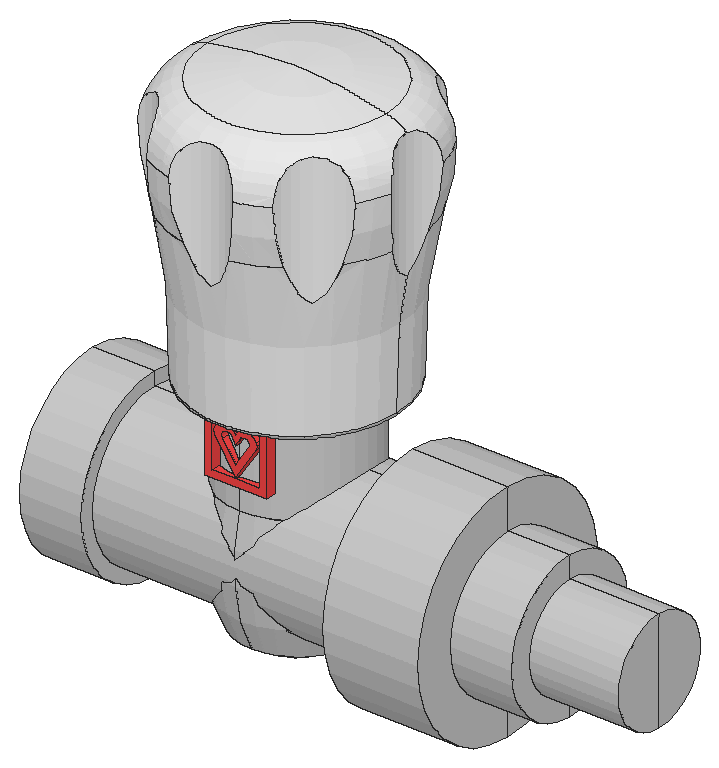
Revit family "GP Heizkörperregulierventil DG 5523", category Rohrzubehör, Revit 2020
Family settings
  Bemaßung runder Anschluss = Durchmesser verwenden
  Teiletyp = Unterbricht
  OmniClass-Nummer = 23.65.55.14
  OmniClass-Titel = Valves for Liquid Services
  Arbeitsebenenbasiert = Nein
  Immer vertikal = Ja
  Beim Laden mit Abzugskörper schneiden = Nein
  Gemeinsam genutzt = Nein
Parameters
  W01 = 60.00°  # constant formula
  Vorgabe-Ansicht = 0.000 mm
  URL = "www.herz-armaturen.at"
  SCRNSEQ = "ARM;ARM_TYP=\"ALLF\";2"
  SCRNCODE = "05;00;02"  # constant formula
  S04 = 45.000 mm  # constant formula
  S03 = 61.000 mm  # constant formula
  S02 [instance] = L05 + L06 + L07  # 53.300 mm
  S01 = 10.000 mm  # constant formula
  R05 = 25.000 mm  # constant formula
  R04 = 2.000 mm  # constant formula
  R03 = 28.000 mm  # constant formula
  R02 = 11.500 mm  # constant formula
  R01 = 10.500 mm  # constant formula
  Nennweite [instance] = 15.000 mm
  Medium = "Heizwasserqualität entsprechend ÖNORM H 5195 bzw. VDI-Richtllinie 2035."
  Max.Betriebstemperatur = 120 °C  # constant formula
  Max.Betriebsdruck = 1000000.0 Pa  # constant formula
  LO1 = 10.500 mm  # constant formula
  L07 [instance] = size_lookup("5523_", "L7", 1.000 mm, Nennweite)  # 22.300 mm
  L06 [instance] = size_lookup("5523_", "L6", 1.000 mm, Nennweite)  # 14.000 mm
  L05 [instance] = L02 - L04  # 17.000 mm
  L04 [instance] = size_lookup("5523_", "L4", 1.000 mm, Nennweite)  # 8.000 mm
  L03 [instance] = size_lookup("5523_", "L3", 1.000 mm, Nennweite)  # 9.000 mm
  L02 [instance] = size_lookup("5523_", "L2", 1.000 mm, Nennweite)  # 25.000 mm
  L01 [instance] = size_lookup("5523_", "L1", 1.000 mm, Nennweite)  # 30.000 mm
  Hersteller = "HERZ Armaturen Ges.m.b.H."  # constant formula
  Handrad = "Kunststoff, weiß"  # constant formula
  H02 = 25.500 mm  # constant formula
  H01 = 17.000 mm  # constant formula
  Gehäuse = "vernickeltes Messing"  # constant formula
  GTI [instance] = size_lookup("5523_", "GT1", 1.000 mm, Nennweite)  # 13.200 mm
  GT [instance] = size_lookup("5523_", "GT", 1.000 mm, Nennweite)  # 9.500 mm
  G2 [instance] = Nennweite / 2  # 7.500 mm
  G1 [instance] = Nennweite / 2  # 7.500 mm
  D05 [instance] = size_lookup("5523_", "D5", 1.000 mm, Nennweite)  # 10.650 mm
  D04 [instance] = size_lookup("5523_", "D4", 1.000 mm, Nennweite)  # 16.500 mm
  D03 [instance] = size_lookup("5523_", "D3", 1.000 mm, Nennweite)  # 9.525 mm
  D02 [instance] = size_lookup("5523_", "D2", 1.000 mm, Nennweite)  # 11.500 mm
  D01 [instance] = size_lookup("5523_", "D1", 1.000 mm, Nennweite)  # 13.500 mm
  Bestellnummer [instance] = size_lookup("5523_", "Artnr", 0, Nennweite)  # 1552321
  Ausführungen = "Universalmodelle mit Spezialmuffen für Gewinderohr und Klemmsetanschluss, vernickelt."
Reference planes
  plane 1 "Mitte (Vorne/hinten)": y = 0
  plane 2: z = 0
  plane 3 "Mitte (Links/rechts)": x = 0
Forms (mm)
  Revolve 1, solid, material "Messing, weicher Gelbton, geschweißt", detail levels fine
    sketch origin (0, 0, 0) x (1, 0, 0) y (0, 0, 1)
      loop
        line (-20.5, 0) -> (25, 0) -> (25, 9.525) -> (17, 9.525) -> (17, 11.5) -> (-21, 11.5) -> (-21, 13.5) -> (-30, 13.5) -> (-30, 7.5) -> (-20.5, 7.5) -> (-20.5, 0)
      axis (-30, 0) -> (25, 0)
    angle from 0 to 360
  Revolve 2, solid, material "Messing, weicher Gelbton, geschweißt", detail levels fine
    sketch origin (0, 0, 0) x (0, 1, 0) y (0, 0, 1)
      loop
        line (0, 25.5) -> (-10.5, 25.5) -> (-10.5, 7)
        arc (-10.5, 7) -> (-11.341, -2.816) -> (-8.325, -12.194) r 25
        line (-8.325, -12.194) -> (0, -17) -> (0, 25.5)
      axis (0, -17) -> (0, 25.5)
    angle from 0 to 360
  Revolve 3, solid, material "Messing, weicher Gelbton, geschweißt", detail levels fine
    sketch origin (0, 0, 0) x (1, 0, 0) y (0, 0, 1)
      loop
        line (25, 0) -> (53.3, 0) -> (53.3, 7.5) -> (40.1, 7.5) -> (40.1, 10.65) -> (31, 10.65) -> (31, 16.5) -> (17, 16.5) -> (17, 9.525) -> (25, 9.525) -> (25, 0)
      axis (17, 0) -> (53.3, 0)
    angle from 0 to 360
Lines and regions (mm)
  model lines, detail levels coarse+medium
    curve 1: line (-30, 0, 13.5) -> (-30, 0, -13.5)
    curve 2: line (-30, 0, -13.5) -> (30, 0, 13.5)
    curve 3: line (30, 0, 13.5) -> (30, 0, -13.5)
    curve 4: line (30, 0, -13.5) -> (-30, 0, 13.5)
    curve 5: line (30, 0, 13.5) -> (40, 0, 13.5)
    curve 6: line (40, 0, 13.5) -> (30, 0, 0)
    curve 7: line (30, 0, -13.5) -> (40, 0, -13.5)
    curve 8: line (40, 0, -13.5) -> (30, 0, 0)
    curve 9: line (30, 0, 0) -> (53.3, 0, 0)
    curve 10: line (0, 0, 0) -> (0, 0, 61)
    curve 11: line (-22.5, 0, 61) -> (22.5, 0, 61)
    curve 12: line (-30, 13.5, 0) -> (-30, -13.5, 0)
    curve 13: line (-30, -13.5, 0) -> (30, 13.5, 0)
    curve 14: line (30, 13.5, 0) -> (30, -13.5, 0)
    curve 15: line (30, -13.5, 0) -> (-30, 13.5, 0)
    curve 16: line (0, 0, 0) -> (0, 61, 0)
    curve 17: line (-22.5, 61, 0) -> (22.5, 61, 0)
    curve 18: line (30, 13.5, 0) -> (40, 13.5, 0)
    curve 19: line (40, 13.5, 0) -> (30, 0, 0)
    curve 20: line (30, -13.5, 0) -> (40, -13.5, 0)
    curve 21: line (40, -13.5, 0) -> (30, 0, 0)
Dimensions and locks
  "L01": Revolve 1 sketch curve to plane 3 "Mitte (Links/rechts)"
  "L02": Revolve 1 sketch curve to plane 3 "Mitte (Links/rechts)"
  "G1": Revolve 1 sketch curve to plane 2
  "GT": Revolve 1 sketch curve to Revolve 1 sketch curve
  "D01": Revolve 1 sketch curve to Revolve 1 sketch curve
  "D02": Revolve 1 sketch curve to Revolve 1 sketch curve
  "D03": Revolve 1 sketch curve to Revolve 1 sketch curve
  "L03": Revolve 1 sketch curve to Revolve 1 sketch curve
  "L04": Revolve 1 sketch curve to Revolve 1 sketch curve
  "H01": plane 2 to Revolve 2 sketch curve
  "H02": Revolve 2 sketch curve to plane 2
  "R01": Revolve 2 sketch curve to plane 1 "Mitte (Vorne/hinten)"
  "R02": Revolve 2 sketch curve to plane 1 "Mitte (Vorne/hinten)"
  "D03": Revolve 3 sketch curve to plane 2
  "L04": Revolve 3 sketch curve to Revolve 3 sketch curve
  "L05": Revolve 3 sketch curve to plane 3 "Mitte (Links/rechts)"
  "L06": Revolve 3 sketch curve to Revolve 3 sketch curve
  "L07": Revolve 3 sketch curve to Revolve 3 sketch curve
  "D04": Revolve 3 sketch curve to Revolve 3 sketch curve
  "G2": Revolve 3 sketch curve to Revolve 3 sketch curve
  "D05": Revolve 3 sketch curve to Revolve 3 sketch curve
  "GTI": Revolve 3 sketch curve to Revolve 3 sketch curve
  "LO1": nested 2 to plane 2
  "LO1": nested 1 to nested 2
  "D01": curve 4 to plane 2 to curve 2
  "D01": curve 3 to plane 2 to curve 4
  "L01": curve 1 to plane 3 "Mitte (Links/rechts)" to curve 3
  "S01": curve 3 to curve 6
  "S02": curve 9 to plane 3 "Mitte (Links/rechts)"
  "S03": curve 10 to plane 2
  equal spacing: curve 11, curve 10, curve 11
  "S04": curve 11 to curve 11
  "L01": curve 12 to plane 3 "Mitte (Links/rechts)" to curve 14
  "D01": curve 13 to plane 1 "Mitte (Vorne/hinten)" to curve 15
  "D01": curve 15 to plane 1 "Mitte (Vorne/hinten)" to curve 14
  "S03": plane 1 "Mitte (Vorne/hinten)" to curve 16
  equal spacing: curve 17, plane 3 "Mitte (Links/rechts)", curve 17
  "S04": curve 17 to curve 17
  "S01": curve 14 to curve 19
  "S01": curve 14 to curve 21
  "R05": radius of Revolve 2 sketch curve
  "W01": angle Revolve 2 sketch curve to Revolve 2 sketch curve
  aligned and locked: level to plane 2
Automatic sketch dimensions
  curve 10 to level = 0.000 mm
  curve 9 to level = 0.000 mm
  curve 3 to curve 7 = 10.000 mm
  curve 16 to plane 3 "Mitte (Links/rechts)" = 0.000 mm
  plane 1 "Mitte (Vorne/hinten)" to curve 19 = 0.000 mm
  Revolve 1 sketch curve to level = 0.000 mm  (x2)
  Revolve 1 sketch curve to Revolve 1 sketch curve = 1436.530 mm
  Revolve 1 sketch curve to Revolve 1 sketch curve = 1779.148 mm
  Revolve 2 sketch curve to plane 1 "Mitte (Vorne/hinten)" = 0.000 mm  (x2)
  Revolve 2 sketch curve to level = 0.000 mm
  Revolve 2 sketch curve to Revolve 2 sketch curve = 98.333 mm
  Revolve 2 sketch curve to Revolve 2 sketch curve = 1236.335 mm
  Revolve 3 sketch curve to level = 0.000 mm  (x2)
  Revolve 3 sketch curve to plane 3 "Mitte (Links/rechts)" = 1506.530 mm
  Revolve 3 sketch curve to Revolve 3 sketch curve = 1789.648 mm
Nested families
  nested 1: "Handrad-Heizkörperventile" at (0, 0, 20), type "Handrad-Heizkörperventile", detail levels fine
  nested 2: "Herz-Logo-vorne" at (0, -10.5, 15) x (0, 1, 0) z (0, 0, 1), type "Herz-Logo-vorne", detail levels fine
Connectors
  piping at (-20.5, 0, 0), diameter 15, driven by "Nennweite"
    settings: on Revolve 1, index 1, connector inside diameter 609.6 mm, connector length 0.000 mm, flow factor 0, pipe flow 0.0 L/s, pressure drop 0.0 Pa, fitting loss kfactor 0, connector angle 0.00°, fixture units 0, engagement length 0.000 mm, angle of deflection 0.00°, flow configuration 0, flow direction 1, fitting loss method 0, system type 7, joint type 0, gender type 0, connector reference index -1, connector utility 0, adjustable connector no, is connector primary yes, connector description ""
  piping at (53.3, 0, 0), diameter 15, driven by "Nennweite"
    settings: on Revolve 3, index 2, connector inside diameter 609.6 mm, connector length 0.000 mm, flow factor 0, pipe flow 0.0 L/s, pressure drop 0.0 Pa, fitting loss kfactor 0, connector angle 0.00°, fixture units 0, engagement length 0.000 mm, angle of deflection 0.00°, flow configuration 0, flow direction 2, fitting loss method 0, system type 7, joint type 0, gender type 0, connector reference index -1, connector utility 0, adjustable connector no, is connector primary no, connector description ""
Definition of nested family "Handrad-Heizkörperventile"
  Parameters (values of type "Handrad-Heizkörperventile")
    Default Elevation = 0.000 mm
    T01 = 5.500 mm  # constant formula
    R01 = 10.500 mm  # constant formula
  Reference planes
    plane 1 "Mitte (Vorne/hinten)": y = 0
    plane 2: z = 0
    plane 3 "Mitte (Links/rechts)": x = 0
  Forms (mm)
    Revolve 1, solid, detail levels fine
      sketch origin (0, 0, 0) x (1, 0, 0) y (0, 0, 1)
        loop
          line (10.5, 0) -> (14.25, 0)
          arc (14.25, 0) -> (14.604, 0.146) -> (14.75, 0.5) r 0.5
          arc (14.75, 0.5) -> (15.098, 12.356) -> (17.195, 24.03) r 80
          arc (17.195, 24.03) -> (18.172, 28.281) -> (18.5, 32.63) r 29
          arc (18.5, 32.63) -> (17.011, 36.946) -> (13.177, 39.426) r 7
          arc (13.177, 39.426) -> (6.637, 40.626) -> (0, 41.028) r 55
          line (0, 41.028) -> (0, 5.5) -> (10.5, 5.5) -> (10.5, 0)
        axis (0, 41.028) -> (0, 0)
      angle from 0 to 360
    Extrusion 2, void
      sketch origin (0, 0, 0) x (1, 0, 0) y (0, 1, 0)
        loop
          arc (-16.011, 9.268) -> (-11.314, 11.314) -> (-9.268, 16.011) r 7
          arc (-9.268, 16.011) -> (-13.081, 13.081) -> (-16.011, 9.268) r 18.5
        loop
          arc (16.011, 9.268) -> (13.081, 13.081) -> (9.268, 16.011) r 18.5
          arc (9.268, 16.011) -> (11.314, 11.314) -> (16.011, 9.268) r 7
        loop
          arc (-16.011, -9.268) -> (-13.081, -13.081) -> (-9.268, -16.011) r 18.5
          arc (-9.268, -16.011) -> (-11.314, -11.314) -> (-16.011, -9.268) r 7
        loop
          arc (16.011, -9.268) -> (11.314, -11.314) -> (9.268, -16.011) r 7
          arc (9.268, -16.011) -> (13.081, -13.081) -> (16.011, -9.268) r 18.5
        loop
          arc (17.953, 4.58) -> (16.078, -0.188) -> (17.953, -4.956) r 7
          arc (17.953, -4.956) -> (18.578, -0.188) -> (17.953, 4.58) r 18.5
        loop
          arc (-17.953, 4.58) -> (-18.578, -0.188) -> (-17.953, -4.956) r 18.5
          arc (-17.953, -4.956) -> (-16.078, -0.188) -> (-17.953, 4.58) r 7
        loop
          arc (-4.58, 17.953) -> (0.188, 16.078) -> (4.956, 17.953) r 7
          arc (4.956, 17.953) -> (0.188, 18.578) -> (-4.58, 17.953) r 18.5
        loop
          arc (-4.58, -17.953) -> (0.188, -18.578) -> (4.956, -17.953) r 18.5
          arc (4.956, -17.953) -> (0.188, -16.078) -> (-4.58, -17.953) r 7
      from 15.609 to 43.011
  Cuts and joins
    Extrusion 2 cuts Revolve 1
  Dimensions and locks
    "R01": Revolve 1 sketch curve to Revolve 1 sketch curve
    Revolve 1 sketch curve to plane 3 "Mitte (Links/rechts)" = 14.750 mm
    "T01": Revolve 1 sketch curve to Revolve 1 sketch curve
    aligned and locked: level to plane 2
  Automatic sketch dimensions
    Extrusion 2 sketch curve to Extrusion 2 sketch curve = 0.000 mm  (x14)
    plane 1 "Mitte (Vorne/hinten)" to Extrusion 2 sketch curve = 0.000 mm
    Extrusion 2 sketch curve to plane 3 "Mitte (Links/rechts)" = 0.000 mm
    Extrusion 2 sketch curve to plane 3 "Mitte (Links/rechts)" = 0.078 mm
    Extrusion 2 sketch curve to plane 3 "Mitte (Links/rechts)" = 16.263 mm  (x2)
    plane 1 "Mitte (Vorne/hinten)" to Extrusion 2 sketch curve = 0.188 mm  (x2)
    Extrusion 2 sketch curve to Extrusion 2 sketch curve = 6.815 mm  (x4)
    plane 3 "Mitte (Links/rechts)" to Extrusion 2 sketch curve = 0.078 mm
    plane 3 "Mitte (Links/rechts)" to Extrusion 2 sketch curve = 0.188 mm  (x2)
    plane 1 "Mitte (Vorne/hinten)" to Extrusion 2 sketch curve = 0.078 mm
    Extrusion 2 sketch curve to Extrusion 2 sketch curve = 0.110 mm  (x2)
    Extrusion 2 sketch curve to plane 1 "Mitte (Vorne/hinten)" = 0.078 mm
    plane 3 "Mitte (Links/rechts)" to Extrusion 2 sketch curve = 16.263 mm  (x2)
    plane 1 "Mitte (Vorne/hinten)" to Extrusion 2 sketch curve = 16.263 mm  (x2)
    Extrusion 2 sketch curve to plane 1 "Mitte (Vorne/hinten)" = 16.263 mm  (x2)
    Extrusion 2 sketch curve to plane 3 "Mitte (Links/rechts)" = 4.580 mm  (x2)
    Extrusion 2 sketch curve to Extrusion 2 sketch curve = 4.688 mm  (x2)
    Extrusion 2 sketch curve to Extrusion 2 sketch curve = 0.252 mm  (x4)
    Extrusion 2 sketch curve to Extrusion 2 sketch curve = 1.942 mm  (x4)
    Extrusion 2 sketch curve to Extrusion 2 sketch curve = 4.312 mm  (x4)
    Revolve 1 sketch curve to plane 3 "Mitte (Links/rechts)" = 0.000 mm  (x2)
    Revolve 1 sketch curve to level = 0.000 mm
    Revolve 1 sketch curve to plane 3 "Mitte (Links/rechts)" = 10.500 mm
    plane 3 "Mitte (Links/rechts)" to Revolve 1 sketch curve = 11.500 mm
    Revolve 1 sketch curve to Revolve 1 sketch curve = 0.500 mm
    level to Revolve 1 sketch curve = 4.086 mm
    Revolve 1 sketch curve to Revolve 1 sketch curve = 79.920 mm
    Revolve 1 sketch curve to level = 13.972 mm
    Revolve 1 sketch curve to Revolve 1 sketch curve = 27.130 mm
    Revolve 1 sketch curve to Revolve 1 sketch curve = 8.398 mm
    Revolve 1 sketch curve to Revolve 1 sketch curve = 0.000 mm
    Revolve 1 sketch curve to Revolve 1 sketch curve = 1.305 mm
    Revolve 1 sketch curve to Revolve 1 sketch curve = 352.073 mm
    Revolve 1 sketch curve to Revolve 1 sketch curve = 2173.287 mm
Definition of nested family "Herz-Logo-vorne"
  Parameters (values of type "Herz-Logo-vorne")
    Default Elevation = 0.000 mm
  Reference planes
    plane 1 "Mitte (Vorne/hinten)": y = 0
    plane 2: z = 0
    plane 3 "Mitte (Links/rechts)": x = 0
  Forms (mm)
    Extrusion 1, solid
      sketch origin (0.732, -0.018, 0.017) x (0, -1, 0) y (0, 0, 1)
        loop
          line (-0.018, -4.517) -> (4.482, -4.517) -> (4.482, 4.483) -> (-4.518, 4.483) -> (-4.518, -4.517) -> (-0.018, -4.517)
        loop
          line (-0.05, -3.48) -> (3.482, -3.48) -> (3.482, 3.483) -> (-3.518, 3.483) -> (-3.518, -3.48) -> (-0.05, -3.48)
        loop
          arc (-0.018, 2.383) -> (-1.543, 3.287) -> (-3.067, 2.383) r 1.738
          arc (-3.067, 2.383) -> (-3.191, 1.899) -> (-3.067, 1.415) r 1.009
          line (-3.067, 1.415) -> (-0.018, -3.281) -> (3.032, 1.415)
          arc (3.032, 1.415) -> (3.156, 1.899) -> (3.032, 2.383) r 1.009
          arc (3.032, 2.383) -> (1.507, 3.287) -> (-0.018, 2.383) r 1.738
        loop
          arc (1.885, 1.272) -> (2.005, 1.675) -> (1.885, 2.079) r 0.74
          arc (1.885, 2.079) -> (1.265, 2.416) -> (0.644, 2.079) r 0.74
          line (0.644, 2.079) -> (-0.018, 0.97) -> (-0.679, 2.079)
          arc (-0.679, 2.079) -> (-1.3, 2.416) -> (-1.921, 2.079) r 0.74
          arc (-1.921, 2.079) -> (-2.04, 1.675) -> (-1.921, 1.272) r 0.74
          line (-1.921, 1.272) -> (-0.018, -1.658) -> (1.885, 1.272)
      from 0 to 1.5
  Dimensions and locks
    aligned and locked: level to plane 2
